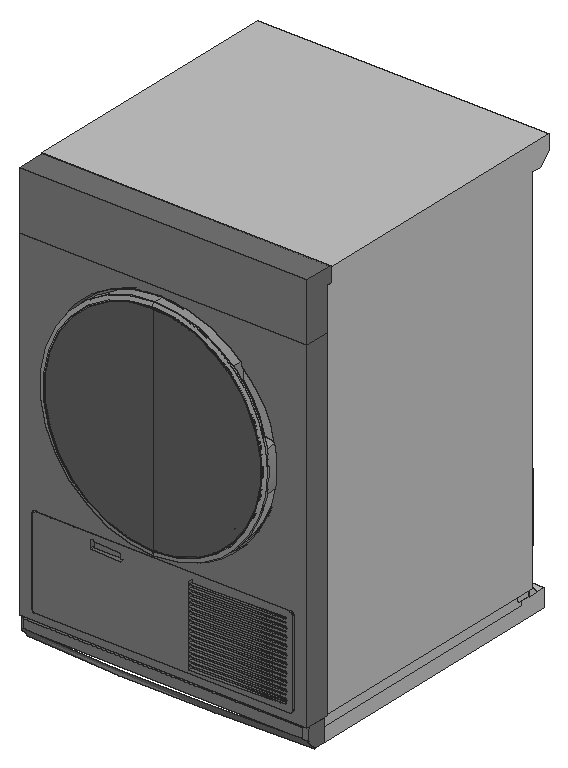
Revit family "FP-Revit19-DH9060HL1-DryerStacked-90002787A", category Specialty Equipment, Revit 2020
Family settings
  Round Connector Dimension = Use Diameter
  Part Type = Normal
  Work Plane-Based = No
  Always vertical = Yes
  Cut with Voids When Loaded = Yes
  Shared = No
  Room Calculation Point = No
Parameters (values of type "DH9060HLG1")
  Visibility - Stacking Kit White = no
  Visibility - Stacking Kit Grey = yes
  Visibility - Clearance Required = yes
  Product - Height = 875 mm  # constant formula
  Product - Width = 600 mm  # constant formula
  Product - Depth = 655 mm  # constant formula
  Model = "DH9060HLG1"
  Material - Trim = Fisher & Paykel - Steel, Chrome Plated
  Material - Door = Fisher & Paykel - Grey, Charcoal
  Material - Glass = Fisher & Paykel - Glass, Black
  Material - Front = Fisher & Paykel - Grey, Charcoal
  Material - Display Panel = Fisher & Paykel - Black
  Material - Buttons and Dials = Fisher & Paykel - Black
  Material - Body = Fisher & Paykel - Grey
  Manufacturer = "Fisher & Paykel Appliances Ltd"  # constant formula
  FFL_Offset = ([Cavity - Height]) - 895 mm  # 1005 mm
  Description = "Heat Pump Dryer"
  Default Elevation = 0 mm
  Connector Description - Water = "Water connection supplied from washer"  # constant formula
  Connector Description - Sanitary = "Drain to tub or standpipe, MAX 1000mm - MIN 600mm high"  # constant formula
  Connector Description - Electrical = "220 – 240 V, 50 Hz, 10 A circuit"  # constant formula
  Chassis - Width = 600 mm  # constant formula
  Chassis - Height = 827 mm  # constant formula
  Chassis - Depth = 576 mm  # constant formula
  Cavity - Width = 624 mm  # constant formula
  Cavity - Height = 1900 mm
  Cavity - Depth = 665 mm  # constant formula
Types (3, lengths in mm): name | Visibility - Stacking Kit White | Visibility - Stacking Kit Grey | Model | Material - Front
  (no name) | no | yes | "DH9060HLG1" | Fisher & Paykel - Grey, Charcoal
  DH9060HL1 | yes | no | "DH9060HL1" | Fisher & Paykel - White
  DH9060HLG1 | no | yes | "DH9060HLG1" | Fisher & Paykel - Grey, Charcoal
Reference planes
  plane 1 "Front Face": y = 0
  plane 2: z = 0
  plane 3 "Center (Left/Right)": x = 0
  plane 4 "Product LHS": x = -300
  plane 5 "Cavity LHS": x = -312
  plane 6 "Product RHS": x = 300
  plane 7 "Cavity RHS": x = 312
  plane 8 "Legs": z = 1029.7
  plane 9 "Product - Height": z = 1880
  plane 10 "Panel": z = 1053
  plane 11 "Chassis Rear": y = 636.388
  plane 12 "Chassis Front": y = 60.388
  plane 13: y = 665
  plane 14 "Cavity - Height": z = 1900
  plane 15 "Stacker": z = 1005
  plane 16 "Datum": y = 10
Forms (mm)
  Extrusion 1, solid, material "Fisher & Paykel - Grey" <- "Material - Body"
    sketch origin (0, 0, 1000) x (0, 1, 0) y (0, 0, 1)
      loop
        line (70.888, 880) -> (70.888, 850) -> (60.388, 850) -> (60.388, 57.9) -> (587.387, 57.9) -> (587.387, 828) -> (606.875, 828) -> (629.075, 850.2) -> (629.075, 880) -> (70.888, 880)
    from -300 to 300
  Extrusion 2, solid, material "Fisher & Paykel - Grey, Charcoal" <- "Material - Front", detail levels fine
    sketch origin (0, 0, 0) x (1, 0, 0) y (0, 1, 0)
      loop
        line (-296.717, 60.388) -> (-295.39, 9.872)
        arc (-295.39, 9.872) -> (0.015, -0.06) -> (295.421, 9.872) r 4398.066
        line (295.421, 9.872) -> (296.747, 60.388) -> (-296.717, 60.388)
    from 1053 to 1880
  Extrusion 3, solid, material "Fisher & Paykel - Grey" <- "Material - Body"
    sketch origin (0, 0, 0) x (1, 0, 0) y (0, 1, 0)
      loop
        circle (253, 87.188) r 7.942
      loop
        circle (253, 544.875) r 7.963
      loop
        circle (-253, 87.188) r 7.942
      loop
        circle (-253, 544.875) r 7.963
    from 1035.7 to 1057.9
  Extrusion 4, solid, material "Fisher & Paykel - Grey" <- "Material - Body"
    sketch origin (0, 0, 0) x (1, 0, 0) y (0, 1, 0)
      loop
        line (253, 556.422) -> (243, 550.649) -> (243, 539.102) -> (253, 533.328) -> (263, 539.102) -> (263, 550.649) -> (253, 556.422)
      loop
        line (253, 98.735) -> (243, 92.961) -> (243, 81.414) -> (253, 75.641) -> (263, 81.414) -> (263, 92.961) -> (253, 98.735)
      loop
        line (-253, 556.422) -> (-263, 550.649) -> (-263, 539.102) -> (-253, 533.328) -> (-243, 539.102) -> (-243, 550.649) -> (-253, 556.422)
      loop
        line (-253, 98.735) -> (-263, 92.961) -> (-263, 81.414) -> (-253, 75.641) -> (-243, 81.414) -> (-243, 92.961) -> (-253, 98.735)
    from 1029.7 to 1035.7
  Extrusion 5, solid, material "Fisher & Paykel - Clearance Required", visible <- "Visibility - Clearance Required", detail levels coarse
    sketch origin (0, 0, 0) x (0, 1, 0) y (0, 0, 1)
      loop
        line (665, 1005) -> (665, 1900) -> (0, 1900) -> (0, 1005) -> (665, 1005)
    from -312 to 312
  Extrusion 6, void
    sketch origin (0, 0, 0) x (0, 1, 0) y (0, 0, 1)
      loop
        line (0, 1005) -> (665, 1005) -> (665, 1900) -> (0, 1900) -> (0, 1005)
    from -312 to 312
  Extrusion 7, solid, material "Fisher & Paykel - Grey" <- "Material - Body"
    sketch origin (0, 0, 0) x (0, 1, 0) y (0, 0, 1)
      loop
        line (57.388, 1057.9) -> (57.388, 1039.9) -> (490.075, 1039.9) -> (490.075, 1057.9) -> (57.388, 1057.9)
    from -282.7 to 282.7
  Extrusion 8, solid, material "Fisher & Paykel - Grey" <- "Material - Body"
    sketch origin (0, 0, 0) x (0, 1, 0) y (0, 0, 1)
      loop
        line (554.575, 1057.9) -> (554.575, 1039.9) -> (585.575, 1039.9) -> (585.575, 1057.9) -> (554.575, 1057.9)
    from -292.8 to 292.7
  Revolve 9, solid, material "Fisher & Paykel - Steel, Chrome Plated" <- "Material - Trim", detail levels fine
    sketch origin (0, 0, 0) x (0, 1, 0) y (0, 0, 1)
      loop
        line (-11.312, 1746.6) -> (-13.304, 1746.6) -> (-16.616, 1738.402) -> (-16.616, 1736.5) -> (-13.304, 1736.5) -> (-13.304, 1511.9) -> (15.888, 1511.9) -> (15.888, 1744.674) -> (-11.312, 1745.8) -> (-11.312, 1746.6)
      axis (15.888, 1511.9) -> (-16.616, 1511.9)
    angle from 0 to 360
  Revolve 10, void
    sketch origin (0, 0, 0) x (0, 1, 0) y (0, 0, 1)
      loop
        line (-4.081, 1751.95) -> (-4.081, 1511.9) -> (15.919, 1511.9) -> (15.919, 1748.2) -> (-4.081, 1751.95)
      axis (15.919, 1511.9) -> (-4.081, 1511.9)
    angle from 0 to 360
  Revolve 11, solid, material "Fisher & Paykel - Glass, Black" <- "Material - Glass", detail levels coarse+medium
    sketch origin (0, 0, 0) x (0, 1, 0) y (0, 0, 1)
      loop
        line (-18.612, 1511.9) -> (15.888, 1511.9) -> (15.888, 1746.6) -> (-18.612, 1746.6) -> (-18.612, 1511.9)
      axis (15.888, 1511.9) -> (-18.612, 1511.9)
    angle from 0 to 360
  Revolve 12, solid, material "Fisher & Paykel - Glass, Black" <- "Material - Glass", detail levels fine
    sketch origin (0, 0, 0) x (0, 1, 0) y (0, 0, 1)
      loop
        line (-17.112, 1735.903) -> (-17.112, 1511.9) -> (-13.304, 1511.9) -> (-13.304, 1736.5) -> (-16.516, 1736.5) -> (-17.112, 1735.903)
      axis (-13.304, 1511.9) -> (-17.112, 1511.9)
    angle from 0 to 360
  Extrusion 13, void
    sketch origin (0, 0, 0) x (1, 0, 0) y (0, 0, 1)
      loop
        arc (-263, 1257.605) -> (-267.596, 1255.701) -> (-269.5, 1251.105) r 6.5
        line (-269.5, 1251.105) -> (-269.5, 1075.4)
        arc (-269.5, 1075.4) -> (-267.596, 1070.804) -> (-263, 1068.9) r 6.5
        line (-263, 1068.9) -> (263, 1068.9)
        arc (263, 1068.9) -> (267.596, 1070.804) -> (269.5, 1075.4) r 6.5
        line (269.5, 1075.4) -> (269.5, 1251.105)
        arc (269.5, 1251.105) -> (267.596, 1255.701) -> (263, 1257.605) r 6.5
        line (263, 1257.605) -> (-263, 1257.605)
      loop
        arc (-262.5, 1257.105) -> (-267.096, 1255.201) -> (-269, 1250.605) r 6.5
        line (-269, 1250.605) -> (-269, 1075.7)
        arc (-269, 1075.7) -> (-267.155, 1071.245) -> (-262.7, 1069.4) r 6.3
        line (-262.7, 1069.4) -> (262.665, 1069.4)
        arc (262.665, 1069.4) -> (267.144, 1071.256) -> (269, 1075.735) r 6.335
        line (269, 1075.735) -> (269, 1250.805)
        arc (269, 1250.805) -> (267.155, 1255.259) -> (262.7, 1257.105) r 6.3
        line (262.7, 1257.105) -> (-262.5, 1257.105)
    from -10 to 5
  Extrusion 14, void
    sketch origin (0, 0, 0) x (1, 0, 0) y (0, 0, 1)
      loop
        line (-144.5, 1247.85) -> (-144.5, 1233.35)
        arc (-144.5, 1233.35) -> (-144.061, 1232.289) -> (-143, 1231.85) r 1.5
        line (-143, 1231.85) -> (-81, 1231.85)
        arc (-81, 1231.85) -> (-79.939, 1232.289) -> (-79.5, 1233.35) r 1.5
        line (-79.5, 1233.35) -> (-79.5, 1247.85) -> (-144.5, 1247.85)
    from -10 to 0
  Extrusion 15, solid, material "Fisher & Paykel - Grey" <- "Material - Body"
    sketch origin (0, 0, 0) x (1, 0, 0) y (0, 0, 1)
      loop
        line (262.715, 1243.778) -> (7.762, 1243.778)
        arc (7.762, 1243.778) -> (-13.058, 1273.753) -> (-41.213, 1296.974) r 133.581
        arc (-41.213, 1296.974) -> (-46.566, 1307.966) -> (-39.928, 1318.233) r 12.444
        line (-39.928, 1318.233) -> (76.916, 1375.221)
        arc (76.916, 1375.221) -> (112.12, 1671.752) -> (-169.325, 1571.959) r 175.778
        line (-169.325, 1571.959) -> (-248.306, 1210.635)
        arc (-248.306, 1210.635) -> (-233.188, 1113.077) -> (-156.374, 1051.063) r 136.879
        line (-156.374, 1051.063) -> (-71.506, 1051.063)
        arc (-71.506, 1051.063) -> (-33.069, 1070.94) -> (-2.657, 1101.722) r 138.305
        line (-2.657, 1101.722) -> (262.715, 1101.722) -> (262.715, 1243.778)
    from -636.388 to -587.7
  Extrusion 16, solid, material "Fisher & Paykel - Grey" <- "Material - Body"
    sketch origin (0, 0, 0) x (1, 0, 0) y (0, 0, 1)
      loop
        circle (208, 1796) r 13.928
      loop
        circle (-30, 1819) r 6.433
      loop
        circle (-70, 1819) r 6.431
      loop
        circle (245, 1819.5) r 4.475
      loop
        circle (-246, 1625) r 7.5
    from -600.7 to -587.7
  Extrusion 17, void
    sketch origin (0, 0, 0) x (1, 0, 0) y (0, 0, 1)
      loop
        line (160.072, 1688.004) -> (160.072, 1647.203)
        arc (160.072, 1647.203) -> (187.626, 1605.316) -> (204.443, 1558.083) r 209.594
        line (204.443, 1558.083) -> (234.442, 1552.793)
        arc (234.442, 1552.793) -> (208.521, 1626.594) -> (160.072, 1688.004) r 237.982
      loop
        arc (160.072, 1335.796) -> (208.521, 1397.206) -> (234.442, 1471.007) r 237.982
        line (234.442, 1471.007) -> (204.443, 1465.717)
        arc (204.443, 1465.717) -> (187.626, 1418.484) -> (160.072, 1376.597) r 209.594
        line (160.072, 1376.597) -> (160.072, 1335.796)
    from -15.388 to 11.312
  Extrusion 18, void
    sketch origin (0, 0, 0) x (0, 1, 0) y (0, 0, 1)
      loop
        line (9.872, 1244.4) -> (-5.128, 1244.4) -> (-5.128, 1239.5) -> (9.872, 1239.5) -> (9.872, 1244.4)
      loop
        line (9.872, 1236.1) -> (-5.128, 1236.1) -> (-5.128, 1231.2) -> (9.872, 1231.2) -> (9.872, 1236.1)
      loop
        line (9.872, 1227.8) -> (-5.128, 1227.8) -> (-5.128, 1222.9) -> (9.872, 1222.9) -> (9.872, 1227.8)
      loop
        line (9.872, 1219.5) -> (-5.128, 1219.5) -> (-5.128, 1214.6) -> (9.872, 1214.6) -> (9.872, 1219.5)
      loop
        line (9.872, 1211.2) -> (-5.128, 1211.2) -> (-5.128, 1206.3) -> (9.872, 1206.3) -> (9.872, 1211.2)
      loop
        line (9.872, 1202.9) -> (-5.128, 1202.9) -> (-5.128, 1198) -> (9.872, 1198) -> (9.872, 1202.9)
      loop
        line (9.872, 1194.6) -> (-5.128, 1194.6) -> (-5.128, 1189.7) -> (9.872, 1189.7) -> (9.872, 1194.6)
      loop
        line (9.872, 1186.3) -> (-5.128, 1186.3) -> (-5.128, 1181.4) -> (9.872, 1181.4) -> (9.872, 1186.3)
      loop
        line (9.872, 1178) -> (-5.128, 1178) -> (-5.128, 1173.1) -> (9.872, 1173.1) -> (9.872, 1178)
      loop
        line (9.872, 1169.7) -> (-5.128, 1169.7) -> (-5.128, 1164.8) -> (9.872, 1164.8) -> (9.872, 1169.7)
      loop
        line (9.872, 1161.4) -> (-5.128, 1161.4) -> (-5.128, 1156.5) -> (9.872, 1156.5) -> (9.872, 1161.4)
      loop
        line (9.872, 1153.1) -> (-5.128, 1153.1) -> (-5.128, 1148.2) -> (9.872, 1148.2) -> (9.872, 1153.1)
      loop
        line (9.872, 1144.8) -> (-5.128, 1144.8) -> (-5.128, 1139.9) -> (9.872, 1139.9) -> (9.872, 1144.8)
      loop
        line (9.872, 1136.5) -> (-5.128, 1136.5) -> (-5.128, 1131.6) -> (9.872, 1131.6) -> (9.872, 1136.5)
      loop
        line (9.872, 1128.2) -> (-5.128, 1128.2) -> (-5.128, 1123.3) -> (9.872, 1123.3) -> (9.872, 1128.2)
      loop
        line (9.872, 1119.9) -> (-5.128, 1119.9) -> (-5.128, 1115) -> (9.872, 1115) -> (9.872, 1119.9)
      loop
        line (9.872, 1111.6) -> (-5.128, 1111.6) -> (-5.128, 1106.7) -> (9.872, 1106.7) -> (9.872, 1111.6)
      loop
        line (9.872, 1103.3) -> (-5.128, 1103.3) -> (-5.128, 1098.4) -> (9.872, 1098.4) -> (9.872, 1103.3)
      loop
        line (9.872, 1095) -> (-5.128, 1095) -> (-5.128, 1090.1) -> (9.872, 1090.1) -> (9.872, 1095)
      loop
        line (9.872, 1086.7) -> (-5.128, 1086.7) -> (-5.128, 1081.8) -> (9.872, 1081.8) -> (9.872, 1086.7)
    from 60 to 256.5
  Extrusion 19, solid, material "Fisher & Paykel - Grey, Charcoal" <- "Material - Front", detail levels coarse+medium
    sketch origin (0, 0, 0) x (1, 0, 0) y (0, 1, 0)
      loop
        line (-296.717, 60.388) -> (-295.39, 9.872)
        arc (-295.39, 9.872) -> (0.015, -0.06) -> (295.421, 9.872) r 4398.066
        line (295.421, 9.872) -> (296.747, 60.388) -> (-296.717, 60.388)
    from 1053 to 1880
  Extrusion 20, solid, material "Fisher & Paykel - Grey, Charcoal" <- "Material - Front", detail levels coarse+medium
    sketch origin (0, 0, 0) x (1, 0, 0) y (0, 1, 0)
      loop
        line (-296.717, 60.388) -> (296.747, 60.388) -> (297.023, 70.888) -> (-296.717, 70.888) -> (-296.717, 60.388)
    from 1850 to 1880
  Extrusion 21, solid, material "Fisher & Paykel - Grey, Charcoal" <- "Material - Front", detail levels fine
    sketch origin (0, 0, 0) x (1, 0, 0) y (0, 1, 0)
      loop
        line (-296.717, 60.388) -> (296.747, 60.388) -> (297.023, 70.888) -> (-296.717, 70.888) -> (-296.717, 60.388)
    from 1850 to 1880
  Extrusion 22, void
    sketch origin (0, 0, 0) x (0, 1, 0) y (0, 0, 1)
      loop
        line (60.388, 1761.2) -> (-4.081, 1761.2) -> (-4.081, 1760.4) -> (60.388, 1760.4) -> (60.388, 1761.2)
    from -300 to 300
Cuts and joins
  Revolve 10, Extrusion 13, Extrusion 14, Extrusion 18, Extrusion 22 cuts Extrusion 2
  Extrusion 22 cuts Extrusion 21
  joined: Extrusion 2, Extrusion 21
  Extrusion 17 cuts Revolve 9
  Extrusion 22 cuts Extrusion 1
  Extrusion 22 cuts Extrusion 7
  Extrusion 22 cuts Extrusion 8
  Extrusion 22 cuts Extrusion 15
  Extrusion 22 cuts Extrusion 16
  joined: Extrusion 1, Extrusion 7, Extrusion 8, Extrusion 15, Extrusion 16
  Extrusion 22 cuts Extrusion 19
  Extrusion 22 cuts Extrusion 20
  joined: Extrusion 19, Extrusion 20
Dimensions and locks
  equal spacing: plane 4 "Product LHS", plane 3 "Center (Left/Right)", plane 6 "Product RHS"
  plane 5 "Cavity LHS" to plane 3 "Center (Left/Right)" to plane 7 "Cavity RHS" = 312 mm, 312 mm
  "Cavity - Width": plane 5 "Cavity LHS" to plane 7 "Cavity RHS"
  "Product - Width": plane 4 "Product LHS" to plane 6 "Product RHS"
  locked: Extrusion 4 to plane 8 "Legs" at 6
  "Chassis - Height": plane 9 "Product - Height" to plane 10 "Panel"
  locked: cut or joined group of Extrusion 1, Extrusion 7, Extrusion 8, Extrusion 15, Extrusion 16, Extrusion 22 to plane 10 "Panel" at 4.9
  locked: plane 9 "Product - Height" to cut or joined group of Extrusion 19, Extrusion 20, Extrusion 22 at 30
  locked: plane 9 "Product - Height" to cut or joined group of Extrusion 2, Revolve 10, Extrusion 13, Extrusion 14, Extrusion 18, Extrusion 21, Extrusion 22 at 30
  locked: plane 8 "Legs" to plane 15 "Stacker" at 24.7
  locked: plane 10 "Panel" to cut or joined group of Extrusion 1, Extrusion 7, Extrusion 8, Extrusion 15, Extrusion 16, Extrusion 22 at 48.722
  locked: plane 10 "Panel" to cut or joined group of Extrusion 1, Extrusion 7, Extrusion 8, Extrusion 15, Extrusion 16, Extrusion 22 at 190.778
  locked: plane 10 "Panel" to Extrusion 15 sketch curve at 481.423
  locked: plane 10 "Panel" to cut or joined group of Extrusion 1, Extrusion 7, Extrusion 8, Extrusion 15, Extrusion 16, Extrusion 22 at 13.1  (x2)
  "Product - Height": plane 9 "Product - Height" to plane 15 "Stacker"
  "Cavity - Depth": plane 1 "Front Face" to plane 13
  "Chassis - Depth": plane 11 "Chassis Rear" to plane 12 "Chassis Front"
  locked: plane 12 "Chassis Front" to plane 1 "Front Face" at 60.388
  "Product - Depth": plane 11 "Chassis Rear" to Revolve 11
  locked: plane 1 "Front Face" to plane 16 "Datum" at 10
  "Cavity - Height": plane 14 "Cavity - Height" to level
  locked: plane 14 "Cavity - Height" to plane 9 "Product - Height" at 20
  plane 15 "Stacker" to level = 1005 mm
  aligned and locked: level to plane 2
  aligned and locked: Extrusion 1 to plane 6 "Product RHS"
  aligned and locked: plane 4 "Product LHS" to Extrusion 1
  aligned and locked: Extrusion 1 to plane 4 "Product LHS"
  aligned and locked: plane 6 "Product RHS" to Extrusion 1
  aligned and locked: Extrusion 4 to plane 8 "Legs"
  aligned and locked: plane 11 "Chassis Rear" to Extrusion 15
  aligned and locked: Extrusion 3 to Extrusion 4
  aligned and locked: cut or joined group of Extrusion 2, Revolve 10, Extrusion 13, Extrusion 14, Extrusion 18, Extrusion 21, Extrusion 22 to plane 10 "Panel"
  aligned and locked: plane 14 "Cavity - Height" to Extrusion 6
  aligned and locked: plane 10 "Panel" to cut or joined group of Extrusion 2, Revolve 10, Extrusion 13, Extrusion 14, Extrusion 18, Extrusion 21, Extrusion 22
  aligned and locked: plane 9 "Product - Height" to cut or joined group of Extrusion 2, Revolve 10, Extrusion 13, Extrusion 14, Extrusion 18, Extrusion 21, Extrusion 22  (x3)
  aligned and locked: plane 9 "Product - Height" to cut or joined group of Extrusion 1, Extrusion 7, Extrusion 8, Extrusion 15, Extrusion 16, Extrusion 22
  aligned and locked: Extrusion 3 to cut or joined group of Extrusion 1, Extrusion 7, Extrusion 8, Extrusion 15, Extrusion 16, Extrusion 22
  aligned and locked: cut or joined group of Extrusion 19, Extrusion 20, Extrusion 22 to plane 10 "Panel"
  aligned and locked: plane 9 "Product - Height" to cut or joined group of Extrusion 19, Extrusion 20, Extrusion 22  (x2)
  aligned and locked: Extrusion 6 to plane 15 "Stacker"
  aligned and locked: Extrusion 5 to plane 15 "Stacker"
  aligned and locked: plane 5 "Cavity LHS" to Extrusion 5
  aligned and locked: plane 5 "Cavity LHS" to Extrusion 6
  aligned and locked: Extrusion 5 to plane 7 "Cavity RHS"
  aligned and locked: Extrusion 6 to plane 7 "Cavity RHS"
  aligned and locked: nested 1 to plane 15 "Stacker"
Automatic sketch dimensions
  Extrusion 1 sketch curve to plane 12 "Chassis Front" = 0 mm
  Extrusion 1 sketch curve to plane 9 "Product - Height" = 0 mm
  plane 12 "Chassis Front" to Extrusion 1 sketch curve = 10.5 mm
  plane 10 "Panel" to Extrusion 1 sketch curve = 4.9 mm
  Extrusion 1 sketch curve to plane 11 "Chassis Rear" = 49 mm
  Extrusion 1 sketch curve to Extrusion 1 sketch curve = 19.488 mm
  Extrusion 1 sketch curve to plane 11 "Chassis Rear" = 7.312 mm
  Extrusion 1 sketch curve to plane 9 "Product - Height" = 52 mm
  Extrusion 1 sketch curve to plane 9 "Product - Height" = 30 mm
  Extrusion 1 sketch curve to plane 9 "Product - Height" = 29.8 mm
  Extrusion 2 sketch curve to plane 12 "Chassis Front" = 0 mm
  Extrusion 2 sketch curve to plane 4 "Product LHS" = 3.283 mm
  Extrusion 2 sketch curve to plane 4 "Product LHS" = 4.61 mm
  plane 3 "Center (Left/Right)" to Extrusion 2 sketch curve = 0.015 mm
  plane 6 "Product RHS" to Extrusion 2 sketch curve = 4.579 mm
  plane 6 "Product RHS" to Extrusion 2 sketch curve = 3.253 mm
  Extrusion 2 sketch curve to plane 1 "Front Face" = 9.872 mm
  plane 13 to Extrusion 2 sketch curve = 3733.006 mm
  Extrusion 3 sketch curve to plane 4 "Product LHS" = 47 mm  (x2)
  plane 6 "Product RHS" to Extrusion 3 sketch curve = 47 mm  (x2)
  plane 12 "Chassis Front" to Extrusion 3 sketch curve = 26.8 mm  (x2)
  Extrusion 3 sketch curve to plane 11 "Chassis Rear" = 91.512 mm  (x2)
  Extrusion 4 sketch curve to plane 4 "Product LHS" = 37 mm  (x2)
  Extrusion 4 sketch curve to Extrusion 4 sketch curve = 10 mm  (x12)
  plane 12 "Chassis Front" to Extrusion 4 sketch curve = 15.253 mm  (x2)
  plane 12 "Chassis Front" to Extrusion 4 sketch curve = 21.027 mm
  plane 6 "Product RHS" to Extrusion 4 sketch curve = 57 mm  (x2)
  Extrusion 4 sketch curve to Extrusion 4 sketch curve = 5.774 mm  (x11)
  Extrusion 4 sketch curve to Extrusion 4 sketch curve = 11.547 mm  (x8)
  Extrusion 4 sketch curve to plane 11 "Chassis Rear" = 103.059 mm  (x2)
  plane 14 "Cavity - Height" to Extrusion 5 sketch curve = 0 mm
  plane 13 to Extrusion 5 sketch curve = 0 mm
  Extrusion 5 sketch curve to Extrusion 5 sketch curve = 665 mm
  plane 14 "Cavity - Height" to Extrusion 6 sketch curve = 0 mm
  Extrusion 6 sketch curve to plane 8 "Legs" = 24.7 mm
  Extrusion 6 sketch curve to plane 13 = 665 mm
  Extrusion 6 sketch curve to Extrusion 6 sketch curve = 665 mm
  Extrusion 7 sketch curve to plane 12 "Chassis Front" = 3 mm
  plane 8 "Legs" to Extrusion 7 sketch curve = 10.2 mm
  Extrusion 7 sketch curve to plane 11 "Chassis Rear" = 146.312 mm
  plane 10 "Panel" to Extrusion 7 sketch curve = 4.9 mm
  plane 8 "Legs" to Extrusion 8 sketch curve = 10.2 mm
  Extrusion 8 sketch curve to plane 11 "Chassis Rear" = 81.812 mm
  Extrusion 8 sketch curve to Extrusion 8 sketch curve = 31 mm
  plane 10 "Panel" to Extrusion 8 sketch curve = 4.9 mm
  plane 1 "Front Face" to Revolve 9 sketch curve = 16.616 mm
  Revolve 9 sketch curve to Revolve 9 sketch curve = 3.312 mm  (x2)
  Revolve 9 sketch curve to Revolve 9 sketch curve = 1.991 mm
  Revolve 9 sketch curve to plane 1 "Front Face" = 15.888 mm
  Revolve 9 sketch curve to plane 9 "Product - Height" = 368.1 mm
  Revolve 9 sketch curve to plane 9 "Product - Height" = 143.5 mm
  Revolve 9 sketch curve to Revolve 9 sketch curve = 1.902 mm
  Revolve 9 sketch curve to Revolve 9 sketch curve = 8.174 mm
  Revolve 9 sketch curve to Revolve 9 sketch curve = 7.398 mm
  Revolve 9 sketch curve to Revolve 9 sketch curve = 0.8 mm
  Revolve 9 sketch curve to Revolve 9 sketch curve = 5.809 mm
  Revolve 9 sketch curve to Revolve 9 sketch curve = 40 mm
  Revolve 9 sketch curve to Revolve 9 sketch curve = 0 mm
  plane 1 "Front Face" to Revolve 10 sketch curve = 4.081 mm
  Revolve 10 sketch curve to plane 1 "Front Face" = 15.919 mm
  Revolve 10 sketch curve to plane 9 "Product - Height" = 368.1 mm
  Revolve 10 sketch curve to plane 9 "Product - Height" = 131.8 mm
  Revolve 10 sketch curve to Revolve 10 sketch curve = 3.75 mm
  Revolve 10 sketch curve to Revolve 10 sketch curve = 0.914 mm
  Revolve 10 sketch curve to Revolve 10 sketch curve = 51.317 mm
  Revolve 10 sketch curve to Revolve 10 sketch curve = 0 mm
  plane 1 "Front Face" to Revolve 11 sketch curve = 18.612 mm
  Revolve 11 sketch curve to plane 1 "Front Face" = 15.888 mm
  Revolve 11 sketch curve to plane 9 "Product - Height" = 368.1 mm
  Revolve 11 sketch curve to plane 9 "Product - Height" = 133.4 mm
  Revolve 11 sketch curve to Revolve 11 sketch curve = 0 mm  (x2)
  Revolve 11 sketch curve to Revolve 11 sketch curve = 25 mm
  plane 1 "Front Face" to Revolve 12 sketch curve = 17.112 mm
  Revolve 12 sketch curve to Revolve 12 sketch curve = 0.596 mm  (x2)
  Revolve 12 sketch curve to Revolve 12 sketch curve = 3.809 mm
  Revolve 12 sketch curve to plane 9 "Product - Height" = 368.1 mm
  Revolve 12 sketch curve to plane 9 "Product - Height" = 144.097 mm
  Revolve 12 sketch curve to Revolve 12 sketch curve = 0 mm  (x2)
  Revolve 12 sketch curve to Revolve 12 sketch curve = 40 mm
  Extrusion 13 sketch curve to plane 4 "Product LHS" = 30.5 mm
  Extrusion 13 sketch curve to Extrusion 13 sketch curve = 0.5 mm  (x5)
  Extrusion 13 sketch curve to Extrusion 13 sketch curve = 6.5 mm
  Extrusion 13 sketch curve to Extrusion 13 sketch curve = 6 mm  (x2)
  Extrusion 13 sketch curve to Extrusion 13 sketch curve = 0.3 mm  (x2)
  plane 10 "Panel" to Extrusion 13 sketch curve = 16.4 mm
  plane 6 "Product RHS" to Extrusion 13 sketch curve = 37.335 mm
  plane 6 "Product RHS" to Extrusion 13 sketch curve = 37.3 mm
  Extrusion 13 sketch curve to Extrusion 13 sketch curve = 0.335 mm
  Extrusion 13 sketch curve to Extrusion 13 sketch curve = 174.905 mm
  Extrusion 14 sketch curve to plane 3 "Center (Left/Right)" = 144.5 mm
  Extrusion 14 sketch curve to Extrusion 14 sketch curve = 1.5 mm  (x2)
  Extrusion 14 sketch curve to Extrusion 14 sketch curve = 62 mm
  plane 10 "Panel" to Extrusion 14 sketch curve = 178.85 mm
  Extrusion 14 sketch curve to Extrusion 14 sketch curve = 14.5 mm
  Extrusion 15 sketch curve to plane 4 "Product LHS" = 51.694 mm
  Extrusion 15 sketch curve to plane 4 "Product LHS" = 130.675 mm
  Extrusion 15 sketch curve to plane 10 "Panel" = 1.937 mm
  Extrusion 15 sketch curve to plane 4 "Product LHS" = 143.626 mm
  Extrusion 15 sketch curve to plane 3 "Center (Left/Right)" = 115.036 mm
  Extrusion 15 sketch curve to Extrusion 15 sketch curve = 0.452 mm
  Extrusion 15 sketch curve to Extrusion 15 sketch curve = 3.253 mm
  Extrusion 15 sketch curve to plane 3 "Center (Left/Right)" = 71.506 mm
  Extrusion 15 sketch curve to plane 3 "Center (Left/Right)" = 39.928 mm
  Extrusion 15 sketch curve to Extrusion 15 sketch curve = 5.783 mm
  Extrusion 15 sketch curve to plane 3 "Center (Left/Right)" = 2.657 mm
  plane 3 "Center (Left/Right)" to Extrusion 15 sketch curve = 2.398 mm
  plane 3 "Center (Left/Right)" to Extrusion 15 sketch curve = 7.762 mm
  plane 3 "Center (Left/Right)" to Extrusion 15 sketch curve = 76.916 mm
  plane 6 "Product RHS" to Extrusion 15 sketch curve = 37.285 mm
  plane 8 "Legs" to Extrusion 15 sketch curve = 72.022 mm
  Extrusion 15 sketch curve to Extrusion 15 sketch curve = 0.933 mm
  Extrusion 15 sketch curve to Extrusion 15 sketch curve = 1.869 mm
  Extrusion 15 sketch curve to Extrusion 15 sketch curve = 60.503 mm
  Extrusion 15 sketch curve to Extrusion 15 sketch curve = 63.437 mm
  Extrusion 15 sketch curve to Extrusion 15 sketch curve = 11.018 mm
  Extrusion 15 sketch curve to Extrusion 15 sketch curve = 56.988 mm
  Extrusion 17 sketch curve to Extrusion 17 sketch curve = 0 mm  (x13)
  Extrusion 17 sketch curve to plane 3 "Center (Left/Right)" = 0 mm
  plane 6 "Product RHS" to Extrusion 17 sketch curve = 139.928 mm  (x2)
  plane 6 "Product RHS" to Extrusion 17 sketch curve = 95.557 mm
  Extrusion 17 sketch curve to Extrusion 17 sketch curve = 29.999 mm  (x2)
  plane 10 "Panel" to Extrusion 17 sketch curve = 282.796 mm
  Extrusion 17 sketch curve to Extrusion 17 sketch curve = 40.801 mm
  Extrusion 17 sketch curve to Extrusion 17 sketch curve = 89.12 mm
  Extrusion 17 sketch curve to Extrusion 17 sketch curve = 81.787 mm
  Extrusion 17 sketch curve to Extrusion 17 sketch curve = 5.29 mm
  plane 1 "Front Face" to Extrusion 18 sketch curve = 5.128 mm  (x2)
  Extrusion 18 sketch curve to Extrusion 18 sketch curve = 0 mm  (x37)
  Extrusion 18 sketch curve to plane 1 "Front Face" = 9.872 mm
  plane 10 "Panel" to Extrusion 18 sketch curve = 28.8 mm
  Extrusion 18 sketch curve to Extrusion 18 sketch curve = 4.9 mm  (x20)
  Extrusion 18 sketch curve to Extrusion 18 sketch curve = 3.4 mm  (x19)
  Extrusion 19 sketch curve to plane 12 "Chassis Front" = 0 mm
  Extrusion 19 sketch curve to plane 4 "Product LHS" = 3.283 mm
  Extrusion 19 sketch curve to plane 4 "Product LHS" = 4.61 mm
  plane 3 "Center (Left/Right)" to Extrusion 19 sketch curve = 0.015 mm
  plane 6 "Product RHS" to Extrusion 19 sketch curve = 4.579 mm
  plane 6 "Product RHS" to Extrusion 19 sketch curve = 3.253 mm
  Extrusion 19 sketch curve to plane 1 "Front Face" = 9.872 mm
  plane 13 to Extrusion 19 sketch curve = 3733.006 mm
  Extrusion 20 sketch curve to plane 12 "Chassis Front" = 0 mm
  Extrusion 20 sketch curve to plane 4 "Product LHS" = 3.283 mm
  plane 6 "Product RHS" to Extrusion 20 sketch curve = 3.253 mm
  plane 6 "Product RHS" to Extrusion 20 sketch curve = 2.977 mm
  plane 12 "Chassis Front" to Extrusion 20 sketch curve = 10.5 mm
  Extrusion 21 sketch curve to plane 12 "Chassis Front" = 0 mm
  Extrusion 21 sketch curve to plane 4 "Product LHS" = 3.283 mm
  plane 6 "Product RHS" to Extrusion 21 sketch curve = 3.253 mm
  plane 6 "Product RHS" to Extrusion 21 sketch curve = 2.977 mm
  plane 12 "Chassis Front" to Extrusion 21 sketch curve = 10.5 mm
  Extrusion 5 sketch curve to plane 8 "Legs" = 24.7 mm
  Extrusion 22 sketch curve to plane 9 "Product - Height" = 118.8 mm
  Extrusion 22 sketch curve to plane 13 = 669.081 mm
  Extrusion 22 sketch curve to Extrusion 22 sketch curve = 64.469 mm
  Extrusion 22 sketch curve to Extrusion 22 sketch curve = 0.8 mm
  Extrusion 16 sketch curve to plane 4 "Product LHS" = 54 mm
  Extrusion 16 sketch curve to plane 9 "Product - Height" = 255 mm
  Extrusion 16 sketch curve to plane 3 "Center (Left/Right)" = 70 mm
  Extrusion 16 sketch curve to plane 3 "Center (Left/Right)" = 30 mm
  plane 6 "Product RHS" to Extrusion 16 sketch curve = 92 mm
  Extrusion 16 sketch curve to Extrusion 16 sketch curve = 37 mm
  Extrusion 16 sketch curve to plane 9 "Product - Height" = 60.5 mm
  Extrusion 16 sketch curve to plane 9 "Product - Height" = 61 mm
  Extrusion 16 sketch curve to Extrusion 16 sketch curve = 0 mm
  Extrusion 16 sketch curve to Extrusion 16 sketch curve = 23.5 mm
  radius of Extrusion 3 sketch curve = 7.942 mm  (x2)
  radius of Extrusion 3 sketch curve = 7.963 mm  (x2)
  radius of Extrusion 16 sketch curve = 13.928 mm
  radius of Extrusion 16 sketch curve = 6.433 mm
  radius of Extrusion 16 sketch curve = 6.431 mm
  radius of Extrusion 16 sketch curve = 4.475 mm
  radius of Extrusion 16 sketch curve = 7.5 mm
Nested families
  nested 1: "FP-Revit19-StackingKit-90002793A" at (0, 0, 1005), type "Stacking Kit White"
Connectors
  electrical at (245, 600.7, 1819.5), driven by "Connector Description - Electrical"
    settings: on cut or joined group of Extrusion 1, Extrusion 7, Extrusion 8, Extrusion 15, Extrusion 16, Extrusion 22, index 1, voltage 230 V, apparent load 0 VA, apparent load phase1 0 VA, apparent load phase2 0 VA, apparent load phase3 0 VA, power factor 1, load classification "Other", number of poles 1, system type 30, power factor state 1, is connector primary yes, connector utility no, sub classification motor no, connector description "220 – 240 V, 50 Hz, 10 A circuit"
  piping at (208, 600.7, 1796), diameter 28, driven by "Connector Description - Water"
    settings: on cut or joined group of Extrusion 1, Extrusion 7, Extrusion 8, Extrusion 15, Extrusion 16, Extrusion 22, index 2, connector inside diameter 609.6 mm, connector length 0 mm, flow factor 0, pipe flow 0.0 L/s, pressure drop 0.0 Pa, fitting loss kfactor 0, connector angle 0.00°, fixture units 0, engagement length 0 mm, angle of deflection 0.00°, flow configuration 0, flow direction 1, fitting loss method 0, system type 20, joint type 0, gender type 0, connector reference index -1, connector utility 0, adjustable connector no, is connector primary yes, connector description "Water connection supplied from washer"
  piping at (-246, 600.7, 1625), diameter 15, driven by "Connector Description - Sanitary"
    settings: on cut or joined group of Extrusion 1, Extrusion 7, Extrusion 8, Extrusion 15, Extrusion 16, Extrusion 22, index 3, connector inside diameter 609.6 mm, connector length 0 mm, flow factor 0, pipe flow 0.0 L/s, pressure drop 0.0 Pa, fitting loss kfactor 0, connector angle 0.00°, fixture units 0, engagement length 0 mm, angle of deflection 0.00°, flow configuration 0, flow direction 2, fitting loss method 0, system type 16, joint type 0, gender type 0, connector reference index -1, connector utility 0, adjustable connector no, is connector primary no, connector description "Drain to tub or standpipe, MAX 1000mm - MIN 600mm high"
Definition of nested family "FP-Revit19-StackingKit-90002793A"
  Parameters (values of type "Stacking Kit Grey")
    Product - Height = 45 mm  # constant formula
    Product - Width = 600 mm  # constant formula
    Product - Depth = 624 mm  # constant formula
    Model = ""
    Material - Front = none
    Material - Body = none
    Manufacturer = "Fisher & Paykel Appliances Ltd"  # constant formula
    Description = "Stacking Kit Grey"
    Default Elevation = 0 mm
    Chassis - Width = 600 mm  # constant formula
    Chassis - Height = 28.7 mm  # constant formula
    Chassis - Depth = 569 mm  # constant formula
    Cavity - Width = 624 mm  # constant formula
    Cavity - Height = 51 mm  # constant formula
    Cavity - Depth = 655 mm  # constant formula
  Types (3, lengths in mm): name | Description
    (no name) | "Stacking Kit Grey"
    Stacking Kit White | "Stacking Kit White"
    Stacking Kit Grey | "Stacking Kit Grey"
  Reference planes
    plane 1 "Front Face": y = 0
    plane 2: z = 0
    plane 3 "Center (Left/Right)": x = 0
    plane 4 "Product LHS": x = -296.278
    plane 5 "Cavity LHS": x = -312
    plane 6 "Product RHS": x = 296.278
    plane 7 "Cavity RHS": x = 312
    plane 8 "FFL_Offset": z = 0
    plane 9 "Cavity - Height": z = 51
    plane 10 "Product - Depth": y = 624
    plane 11: y = 655
    plane 12 "Product - Height": z = 45
    plane 13 "Chassis - Height": z = 28.7
    plane 14 "Chassis - Front": y = 55
    plane 15 "Rear Mount": y = 586.2
    plane 16 "Datum": y = 10
  Forms (mm)
    Extrusion 1, solid, material <- "Material - Body"
      sketch origin (0, 0, 1000) x (0, 1, 0) y (0, 0, 1)
        loop
          line (55, -971.3) -> (55, -1000) -> (624, -1000) -> (624, -962.8) -> (564, -962.8) -> (564, -971.3) -> (55, -971.3)
      from 225.6 to 295.2
    Extrusion 2, solid, material <- "Material - Front"
      sketch origin (0, 0, 0) x (1, 0, 0) y (0, 1, 0)
        loop
          line (-296.3, 54.5) -> (-295.322, 17.167)
          arc (-295.322, 17.167) -> (-293.091, 11.831) -> (-287.847, 9.393) r 8
          arc (-287.847, 9.393) -> (0, 0.004) -> (287.847, 9.393) r 4416.861
          arc (287.847, 9.393) -> (293.091, 11.831) -> (295.322, 17.167) r 8
          line (295.322, 17.167) -> (296.3, 54.5) -> (-296.3, 54.5)
      from 0 to 45
    Extrusion 3, solid, material <- "Material - Body", detail levels fine
      sketch origin (0, 0, 0) x (0, 1, 0) y (0, 0, 1)
        loop
          line (586.229, 62.3) -> (586.229, 37.2) -> (605.6, 37.2) -> (590.629, 55.6) -> (590.629, 62.3) -> (586.229, 62.3)
      from 274.5 to 295.2
    Extrusion 4, solid, material <- "Material - Body"
      sketch origin (0, 0, 0) x (1, 0, 0) y (0, 0, 1)
        loop
          line (213.5, 8) -> (213.5, 27) -> (-213.5, 27) -> (-213.5, 8) -> (213.5, 8)
      from -529.5 to -55
    Extrusion 5, solid, material <- "Material - Body", detail levels fine
      sketch origin (0, 0, 0) x (1, 0, 0) y (0, 0, 1)
        loop
          line (225.6, 27.95) -> (223.4, 27.95) -> (223.4, 32.95) -> (219.911, 34.964)
          arc (219.911, 34.964) -> (215.435, 33.649) -> (213.497, 29.405) r 5.616
          line (213.497, 29.405) -> (213.497, 14.652)
          arc (213.497, 14.652) -> (215.431, 10.389) -> (219.911, 9.036) r 5.665
          line (219.911, 9.036) -> (223.4, 11.027) -> (223.4, 16.05) -> (225.6, 16.05) -> (225.6, 27.95)
        loop
          line (-225.6, 27.95) -> (-225.6, 16.05) -> (-223.4, 16.05) -> (-223.4, 11.027) -> (-219.911, 9.036)
          arc (-219.911, 9.036) -> (-215.431, 10.389) -> (-213.497, 14.652) r 5.665
          line (-213.497, 14.652) -> (-213.497, 29.405)
          arc (-213.497, 29.405) -> (-215.435, 33.649) -> (-219.911, 34.964) r 5.616
          line (-219.911, 34.964) -> (-223.4, 32.95) -> (-223.4, 27.95) -> (-225.6, 27.95)
      from -537.5 to -68.5
    Extrusion 6, void
      sketch origin (0, 0, 0) x (1, 0, 0) y (0, 1, 0)
        loop
          line (-181.2, 497.871) -> (-181.2, 69.141) -> (181.2, 69.141) -> (181.2, 497.871) -> (-181.2, 497.871)
      from 21.5 to 27
    Extrusion 7, solid, material <- "Material - Body", detail levels fine
      sketch origin (0, 0, 0) x (1, 0, 0) y (0, 1, 0)
        loop
          line (266.4, 123.9) -> (266.4, 417.171) -> (225.6, 417.171) -> (225.6, 123.9) -> (266.4, 123.9)
        loop
          line (-266.4, 417.171) -> (-266.4, 123.9) -> (-225.6, 123.9) -> (-225.6, 417.171) -> (-266.4, 417.171)
      from -3.3 to 0
    Extrusion 8, solid, material <- "Material - Body", detail levels fine
      sketch origin (0, 0, 0) x (0, 1, 0) y (0, 0, 1)
        loop
          line (547.5, 50.2) -> (65.4, 50.2)
          arc (65.4, 50.2) -> (63.632, 49.468) -> (62.9, 47.7) r 2.5
          arc (62.9, 47.7) -> (62.168, 45.932) -> (60.4, 45.2) r 2.5
          line (60.4, 45.2) -> (55, 45.2) -> (55, 28.7) -> (564, 28.7) -> (564, 37.2) -> (560.5, 37.2)
          arc (560.5, 37.2) -> (555.904, 39.104) -> (554, 43.7) r 6.5
          arc (554, 43.7) -> (552.096, 48.296) -> (547.5, 50.2) r 6.5
      from 292.7 to 295.2
    Extrusion 9, solid, material <- "Material - Body"
      sketch origin (0, 0, 1000) x (0, 1, 0) y (0, 0, -1)
        loop
          line (55, 971.3) -> (564, 971.3) -> (564, 962.8) -> (624, 962.8) -> (624, 1000) -> (55, 1000) -> (55, 971.3)
      from 225.6 to 295.2
    Extrusion 10, solid, material <- "Material - Body", detail levels fine
      sketch origin (0, 0, 0) x (0, 1, 0) y (0, 0, -1)
        loop
          line (586.2, -62.3) -> (590.6, -62.3) -> (590.6, -55.6) -> (605.6, -37.2) -> (586.2, -37.2) -> (586.2, -62.3)
      from 274.5 to 295.2
    Extrusion 11, solid, material <- "Material - Body", detail levels fine
      sketch origin (0, 0, 0) x (1, 0, 0) y (0, 1, 0)
        loop
          line (243.55, 105.28) -> (243.55, 102.977)
          arc (243.55, 102.977) -> (253, 69.693) -> (262.45, 102.977) r 17.984
          line (262.45, 102.977) -> (262.45, 105.28)
          arc (262.45, 105.28) -> (253, 138.6) -> (243.55, 105.28) r 18
        loop
          arc (241.625, 104.15) -> (253, 67.7) -> (264.375, 104.15) r 20
          arc (264.375, 104.15) -> (253, 140.6) -> (241.625, 104.15) r 20
        loop
          circle (253, 544.571) r 18
        loop
          circle (253, 544.571) r 20
        loop
          arc (-243.55, 105.28) -> (-253, 138.6) -> (-262.45, 105.28) r 18
          line (-262.45, 105.28) -> (-262.45, 102.977)
          arc (-262.45, 102.977) -> (-253, 69.693) -> (-243.55, 102.977) r 17.984
          line (-243.55, 102.977) -> (-243.55, 105.28)
        loop
          arc (-241.625, 104.15) -> (-253, 140.6) -> (-264.375, 104.15) r 20
          arc (-264.375, 104.15) -> (-253, 67.7) -> (-241.625, 104.15) r 20
        loop
          circle (-253, 544.571) r 18
        loop
          circle (-253, 544.571) r 20
      from 28.7 to 38.7
    Extrusion 12, void
      sketch origin (0, 0, 0) x (1, 0, 0) y (0, 0, 1)
        loop
          line (284.3, 60.25) -> (280.8, 60.25)
          arc (280.8, 60.25) -> (278.55, 58) -> (280.8, 55.75) r 2.25
          line (280.8, 55.75) -> (284.3, 55.75)
          arc (284.3, 55.75) -> (286.55, 58) -> (284.3, 60.25) r 2.25
        loop
          arc (-284.3, 60.25) -> (-286.55, 58) -> (-284.3, 55.75) r 2.25
          line (-284.3, 55.75) -> (-280.8, 55.75)
          arc (-280.8, 55.75) -> (-278.55, 58) -> (-280.8, 60.25) r 2.25
          line (-280.8, 60.25) -> (-284.3, 60.25)
      from -624.029 to -586.229
    Sweep 13, void
      path in 3D
        loop
          arc (-312, 11.037, 0) -> (0, 0.004, 0) -> (312, 11.037, 0) r 4416.861
      profile origin (0, 0.004, 0) x (0, -1, 0) y (0, 0, -1)
        loop
          line (0, 0) -> (-21, 0) -> (0, -25) -> (0, 0)
    Extrusion 14, solid, material <- "Material - Body", detail levels fine
      sketch origin (0, 0, 0) x (0, 1, 0) y (0, 0, -1)
        loop
          arc (547.5, -50.2) -> (552.096, -48.296) -> (554, -43.7) r 6.5
          arc (554, -43.7) -> (555.904, -39.104) -> (560.5, -37.2) r 6.5
          line (560.5, -37.2) -> (564, -37.2) -> (564, -28.7) -> (55, -28.7) -> (55, -45.2) -> (60.4, -45.2)
          arc (60.4, -45.2) -> (62.168, -45.932) -> (62.9, -47.7) r 2.5
          arc (62.9, -47.7) -> (63.632, -49.468) -> (65.4, -50.2) r 2.5
          line (65.4, -50.2) -> (547.5, -50.2)
      from 292.7 to 295.2
  Cuts and joins
    Extrusion 6 cuts Extrusion 4
    Extrusion 12 cuts Extrusion 3
    joined: Extrusion 3, Extrusion 7, Extrusion 8
    Extrusion 12 cuts Extrusion 10
    joined: Extrusion 10, Extrusion 14
    Sweep 13 cuts Extrusion 2
  Lines and regions (mm)
    sketch lines
      curve 1: arc (-312, 11.037, 0) -> (0, 0.004, 0) -> (312, 11.037, 0) r 4416.861
  Dimensions and locks
    equal spacing: plane 4 "Product LHS", plane 3 "Center (Left/Right)", plane 6 "Product RHS"
    equal spacing: plane 5 "Cavity LHS", plane 3 "Center (Left/Right)", plane 7 "Cavity RHS"
    "Cavity - Width": plane 5 "Cavity LHS" to plane 7 "Cavity RHS"
    plane 4 "Product LHS" to plane 6 "Product RHS" = 592.555 mm
    "Cavity - Depth": plane 11 to plane 1 "Front Face"
    "Product - Depth": plane 10 "Product - Depth" to plane 1 "Front Face"
    "Cavity - Height": plane 9 "Cavity - Height" to plane 8 "FFL_Offset"
    "Product - Height": plane 12 "Product - Height" to plane 8 "FFL_Offset"
    "Chassis - Height": plane 13 "Chassis - Height" to plane 8 "FFL_Offset"
    locked: plane 8 "FFL_Offset" to cut or joined group of Extrusion 3, Extrusion 7, Extrusion 8, Extrusion 12 at 3.3
    locked: cut or joined group of Extrusion 3, Extrusion 7, Extrusion 8, Extrusion 12 to plane 13 "Chassis - Height" at 33.6
    locked: Extrusion 11 to plane 13 "Chassis - Height" at 10
    locked: cut or joined group of Extrusion 4, Extrusion 6 to cut or joined group of Extrusion 4, Extrusion 6 at 5.5
    locked: plane 13 "Chassis - Height" to cut or joined group of Extrusion 4, Extrusion 6 at 20.7
    locked: plane 13 "Chassis - Height" to cut or joined group of Extrusion 4, Extrusion 6 at 1.7
    "Chassis - Depth": plane 10 "Product - Depth" to plane 14 "Chassis - Front"
    locked: plane 8 "FFL_Offset" to Extrusion 5 at 16.05
    locked: plane 8 "FFL_Offset" to Extrusion 5 at 27.95
    locked: plane 1 "Front Face" to plane 16 "Datum" at 10
    aligned and locked: level to plane 2
    aligned and locked: Extrusion 2 to plane 8 "FFL_Offset"
    aligned and locked: plane 8 "FFL_Offset" to Extrusion 1 sketch curve
    aligned and locked: plane 8 "FFL_Offset" to Extrusion 7
    aligned and locked: cut or joined group of Extrusion 3, Extrusion 7, Extrusion 8, Extrusion 12 to Extrusion 12
    aligned and locked: plane 12 "Product - Height" to cut or joined group of Extrusion 2, Sweep 13
    aligned and locked: Extrusion 1 sketch curve to plane 13 "Chassis - Height"
    aligned and locked: plane 13 "Chassis - Height" to Extrusion 9 sketch curve
    aligned and locked: Extrusion 10 to Extrusion 9
    aligned and locked: Extrusion 3 to Extrusion 1
    aligned and locked: cut or joined group of Extrusion 10, Extrusion 12, Extrusion 14 to cut or joined group of Extrusion 3, Extrusion 7, Extrusion 8, Extrusion 12
    aligned and locked: cut or joined group of Extrusion 3, Extrusion 7, Extrusion 8, Extrusion 12 to plane 13 "Chassis - Height"
    aligned and locked: Extrusion 4 to Extrusion 6
    aligned and locked: Extrusion 14 to cut or joined group of Extrusion 3, Extrusion 7, Extrusion 8, Extrusion 12
    aligned and locked: Extrusion 1 to Extrusion 9  (x2)
    aligned and locked: Extrusion 9 to Extrusion 1
    aligned and locked: Extrusion 11 to plane 13 "Chassis - Height"
    aligned and locked: Extrusion 5 to Extrusion 5  (x2)
  Automatic sketch dimensions
    Extrusion 1 sketch curve to plane 14 "Chassis - Front" = 0 mm
    Extrusion 1 sketch curve to plane 10 "Product - Depth" = 0 mm
    Extrusion 1 sketch curve to plane 12 "Product - Height" = 7.8 mm
    Extrusion 1 sketch curve to Extrusion 1 sketch curve = 60 mm
    Extrusion 2 sketch curve to plane 3 "Center (Left/Right)" = 0 mm
    Extrusion 2 sketch curve to plane 4 "Product LHS" = 8.953 mm
    Extrusion 2 sketch curve to plane 4 "Product LHS" = 0.955 mm
    plane 4 "Product LHS" to Extrusion 2 sketch curve = 0.022 mm
    plane 6 "Product RHS" to Extrusion 2 sketch curve = 8.953 mm
    plane 6 "Product RHS" to Extrusion 2 sketch curve = 0.955 mm
    Extrusion 2 sketch curve to plane 6 "Product RHS" = 0.022 mm
    Extrusion 2 sketch curve to plane 1 "Front Face" = 17.167 mm  (x2)
    Extrusion 2 sketch curve to Extrusion 2 sketch curve = 0.209 mm  (x2)
    Extrusion 2 sketch curve to plane 14 "Chassis - Front" = 0.5 mm
    plane 11 to Extrusion 2 sketch curve = 3761.865 mm
    Extrusion 2 sketch curve to Extrusion 2 sketch curve = 0 mm
    Extrusion 3 sketch curve to plane 12 "Product - Height" = 7.8 mm
    Extrusion 3 sketch curve to plane 10 "Product - Depth" = 37.771 mm
    plane 9 "Cavity - Height" to Extrusion 3 sketch curve = 4.6 mm
    Extrusion 3 sketch curve to Extrusion 3 sketch curve = 4.4 mm
    Extrusion 3 sketch curve to plane 10 "Product - Depth" = 18.4 mm
    Extrusion 3 sketch curve to Extrusion 3 sketch curve = 6.7 mm
    level to Extrusion 4 sketch curve = 8 mm
    Extrusion 4 sketch curve to plane 4 "Product LHS" = 82.778 mm
    Extrusion 4 sketch curve to plane 13 "Chassis - Height" = 1.7 mm
    plane 6 "Product RHS" to Extrusion 4 sketch curve = 82.778 mm
    plane 14 "Chassis - Front" to Extrusion 6 sketch curve = 14.141 mm
    Extrusion 6 sketch curve to plane 4 "Product LHS" = 115.078 mm
    plane 6 "Product RHS" to Extrusion 6 sketch curve = 115.078 mm
    Extrusion 6 sketch curve to plane 10 "Product - Depth" = 126.129 mm
    Extrusion 7 sketch curve to plane 4 "Product LHS" = 29.878 mm
    Extrusion 7 sketch curve to Extrusion 7 sketch curve = 40.8 mm
    plane 6 "Product RHS" to Extrusion 7 sketch curve = 70.678 mm
    plane 6 "Product RHS" to Extrusion 7 sketch curve = 29.878 mm
    plane 14 "Chassis - Front" to Extrusion 7 sketch curve = 68.9 mm  (x2)
    Extrusion 7 sketch curve to plane 10 "Product - Depth" = 206.829 mm  (x2)
    Extrusion 8 sketch curve to plane 14 "Chassis - Front" = 0 mm
    Extrusion 8 sketch curve to plane 13 "Chassis - Height" = 0 mm
    plane 12 "Product - Height" to Extrusion 8 sketch curve = 0.2 mm
    plane 14 "Chassis - Front" to Extrusion 8 sketch curve = 5.4 mm
    plane 12 "Product - Height" to Extrusion 8 sketch curve = 2.7 mm
    Extrusion 8 sketch curve to Extrusion 8 sketch curve = 2.5 mm
    Extrusion 8 sketch curve to plane 9 "Cavity - Height" = 0.8 mm
    Extrusion 8 sketch curve to plane 10 "Product - Depth" = 76.5 mm
    Extrusion 8 sketch curve to plane 12 "Product - Height" = 1.3 mm
    Extrusion 8 sketch curve to Extrusion 8 sketch curve = 6.5 mm  (x2)
    Extrusion 8 sketch curve to Extrusion 8 sketch curve = 3.5 mm
    level to Extrusion 9 sketch curve = 0 mm
    Extrusion 9 sketch curve to plane 14 "Chassis - Front" = 0 mm
    Extrusion 9 sketch curve to plane 10 "Product - Depth" = 0 mm
    Extrusion 9 sketch curve to plane 12 "Product - Height" = 7.8 mm
    Extrusion 9 sketch curve to Extrusion 9 sketch curve = 60 mm
    Extrusion 10 sketch curve to plane 12 "Product - Height" = 7.8 mm
    Extrusion 10 sketch curve to plane 10 "Product - Depth" = 37.8 mm
    plane 9 "Cavity - Height" to Extrusion 10 sketch curve = 4.6 mm
    Extrusion 10 sketch curve to Extrusion 10 sketch curve = 4.4 mm
    Extrusion 10 sketch curve to plane 10 "Product - Depth" = 18.4 mm
    Extrusion 10 sketch curve to Extrusion 10 sketch curve = 6.7 mm
    Extrusion 11 sketch curve to Extrusion 11 sketch curve = 0 mm  (x10)
    Extrusion 11 sketch curve to plane 4 "Product LHS" = 33.828 mm
    Extrusion 11 sketch curve to Extrusion 11 sketch curve = 9.45 mm  (x6)
    Extrusion 11 sketch curve to plane 4 "Product LHS" = 43.278 mm
    plane 6 "Product RHS" to Extrusion 11 sketch curve = 52.728 mm
    plane 6 "Product RHS" to Extrusion 11 sketch curve = 43.278 mm
    plane 14 "Chassis - Front" to Extrusion 11 sketch curve = 32.677 mm  (x2)
    Extrusion 11 sketch curve to Extrusion 11 sketch curve = 0.024 mm  (x2)
    Extrusion 11 sketch curve to Extrusion 11 sketch curve = 15.277 mm  (x2)
    Extrusion 11 sketch curve to Extrusion 11 sketch curve = 2.303 mm  (x2)
    Extrusion 11 sketch curve to Extrusion 11 sketch curve = 15.32 mm  (x2)
    Extrusion 11 sketch curve to plane 10 "Product - Depth" = 79.429 mm  (x2)
    Extrusion 11 sketch curve to Extrusion 11 sketch curve = 1.925 mm  (x2)
    Extrusion 11 sketch curve to Extrusion 11 sketch curve = 1.13 mm  (x2)
    Extrusion 12 sketch curve to plane 4 "Product LHS" = 11.978 mm
    Extrusion 12 sketch curve to Extrusion 12 sketch curve = 3.5 mm  (x2)
    plane 9 "Cavity - Height" to Extrusion 12 sketch curve = 4.75 mm  (x2)
    plane 6 "Product RHS" to Extrusion 12 sketch curve = 15.478 mm
    Extrusion 12 sketch curve to Extrusion 12 sketch curve = 2.25 mm  (x2)
    profile plane to Sweep 13 sketch curve = 0 mm
    Sweep 13 sketch curve to profile plane = 0 mm
    Sweep 13 sketch curve to Sweep 13 sketch curve = 21 mm
    Sweep 13 sketch curve to profile plane = 25 mm
    Extrusion 14 sketch curve to plane 14 "Chassis - Front" = 0 mm
    Extrusion 14 sketch curve to plane 13 "Chassis - Height" = 0 mm
    plane 12 "Product - Height" to Extrusion 14 sketch curve = 0.2 mm
    plane 14 "Chassis - Front" to Extrusion 14 sketch curve = 5.4 mm
    plane 12 "Product - Height" to Extrusion 14 sketch curve = 2.7 mm
    Extrusion 14 sketch curve to Extrusion 14 sketch curve = 2.5 mm
    Extrusion 14 sketch curve to plane 9 "Cavity - Height" = 0.8 mm
    Extrusion 14 sketch curve to plane 10 "Product - Depth" = 76.5 mm
    Extrusion 14 sketch curve to plane 12 "Product - Height" = 1.3 mm
    Extrusion 14 sketch curve to Extrusion 14 sketch curve = 6.5 mm  (x2)
    Extrusion 14 sketch curve to Extrusion 14 sketch curve = 3.5 mm
    Extrusion 5 sketch curve to plane 13 "Chassis - Height" = 0.75 mm  (x2)
    Extrusion 5 sketch curve to plane 4 "Product LHS" = 70.678 mm
    Extrusion 5 sketch curve to Extrusion 5 sketch curve = 2.2 mm  (x3)
    plane 13 "Chassis - Height" to Extrusion 5 sketch curve = 6.264 mm  (x2)
    Extrusion 5 sketch curve to Extrusion 5 sketch curve = 3.489 mm  (x3)
    level to Extrusion 5 sketch curve = 9.036 mm  (x2)
    Extrusion 5 sketch curve to Extrusion 5 sketch curve = 4.238 mm
    plane 13 "Chassis - Height" to Extrusion 5 sketch curve = 0.705 mm  (x2)
    Extrusion 5 sketch curve to Extrusion 5 sketch curve = 4.287 mm  (x2)
    Extrusion 5 sketch curve to plane 13 "Chassis - Height" = 14.048 mm
    plane 6 "Product RHS" to Extrusion 5 sketch curve = 82.781 mm
    Extrusion 5 sketch curve to Extrusion 5 sketch curve = 5.616 mm
    Extrusion 5 sketch curve to Extrusion 5 sketch curve = 5.665 mm
    Extrusion 5 sketch curve to Extrusion 5 sketch curve = 1.991 mm  (x2)
    Extrusion 5 sketch curve to Extrusion 5 sketch curve = 5.023 mm  (x2)
    Extrusion 5 sketch curve to Extrusion 5 sketch curve = 2.014 mm  (x2)
    radius of Extrusion 11 sketch curve = 18 mm  (x2)
    radius of Extrusion 11 sketch curve = 20 mm  (x2)
